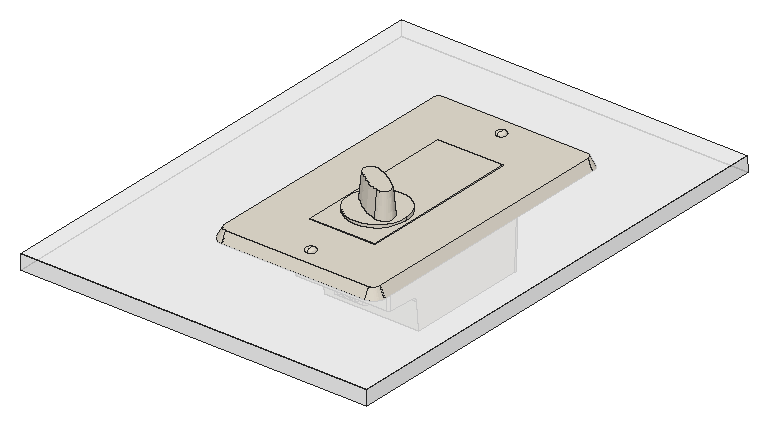
Revit family "AT-303AP", category Communication Devices, host Face, Revit 2018
Family settings
  Host = Face
  Maintain Annotation Orientation = No
  Round Connector Dimension = Use Diameter
  Part Type = Normal
  OmniClass Number = 23.85.10.11.14
  OmniClass Title = Audio Equipment
  Cut with Voids When Loaded = Yes
  Shared = No
  Room Calculation Point = No
Parameters (values of type "AT-303AP")
  Weight = "210 g (0.46 lb)(unit only)"
  URL = "http://toa.com.sg"
  Terminal = "Push-in connector"
  Operating Temperature = "-10 to +50 degree Celsius"
  Model Type = "Attenuator"
  Dimension (attenuator only) = "41 (W) x 108 (H) x 52.4 (D) mm"
  Attenuation = "5 steps (0 dB, – 6 dB, – 12 dB, – 18 dB,OFF)"
  Input Volume = "0.5 W – 30 W"
  Model By = "BIMLIFE PTE LTD"  # constant formula
  Model = "AT-063AP"
  Manufacturer = "TOA Electronics Pte Ltd"  # constant formula
  Supplier Tel = "+65 6835 9119"  # constant formula
  Supplier Fax = "+65 6835 9559"  # constant formula
  Supplier Address = "491B River Valley Road, #19-03/04 Valley Point Office Tower, Singapore 248373"  # constant formula
  Supplier = "TOA Electronics Pte Ltd"  # constant formula
  Suppiler Email = "http://toa.com.sg"  # constant formula
  Material = Oyster White (RAL 1013)
  Finish = "Knob, panel, plate: ABS resin, white (RAL 1013 or equivalent color), Case: ABS resin, black"
  Dimension (with plate) = "70 (W) x 120 (H) x 52.4 (D) mm"
  Default Elevation = 0 mm
  Copyright To = "TOA Electronics Pte Ltd"  # constant formula
  Applicable Plate = "YP-1AF (option)"
  Applicable Cable = "600 V vinyl-insulated cable (Indoor Vinyl or Heat-resistant Indoor Vinyl cable) Solid cable: ø0.8 (0.03\") – ø1.6 (0.06\") mm"
  Applicable Box = "YS-11A (option)"
  Accessory = "Plate ---1, Plate mounting screw ---2, Box mounting screw ---2"
Reference planes
  plane 1 "Center (Front/Back)": y = 0
  plane 2: z = 0
  plane 3 "Center (Left/Right)": x = 0
Forms (mm)
  Extrusion 1, solid, material "Surface"
    sketch origin (1.238, -13.929, 0) x (1, 0, 0) y (0, 1, 0)
      loop
        line (-79.405, 109.432) -> (-79.405, -93.236) -> (67.641, -93.236) -> (67.641, 109.432) -> (-79.405, 109.432)
    from 0 to -6.497
  Extrusion 2, solid, material "Oyster White (RAL 1013)" <- "Material"
    sketch origin (0, 0, 0) x (1, 0, 0) y (0, 1, 0)
      loop
        line (-13.8, 34.15) -> (-13.8, -34.15) -> (13.8, -34.15) -> (13.8, 34.15) -> (-13.8, 34.15)
    from 0 to 4
  Blend 3, solid, material "Oyster White (RAL 1013)" <- "Material"
    base sketch origin (-322.903, -0.061, 0) x (1, 0, 0) y (0, 1, 0)
      loop
        line (353.237, 60.061) -> (292.57, 60.061)
        arc (292.57, 60.061) -> (289.27, 58.694) -> (287.903, 55.395) r 4.667
        line (287.903, 55.395) -> (287.903, -55.272)
        arc (287.903, -55.272) -> (289.27, -58.572) -> (292.57, -59.939) r 4.667
        line (292.57, -59.939) -> (353.237, -59.939)
        arc (353.237, -59.939) -> (356.537, -58.572) -> (357.903, -55.272) r 4.667
        line (357.903, -55.272) -> (357.903, 55.395)
        arc (357.903, 55.395) -> (356.537, 58.694) -> (353.237, 60.061) r 4.667
    top sketch origin (-322.903, -0.061, 0) x (1, 0, 0) y (0, 1, 0)
      loop
        line (289.903, 55.395) -> (289.903, -55.272)
        arc (289.903, -55.272) -> (290.684, -57.158) -> (292.57, -57.939) r 2.667
        line (292.57, -57.939) -> (353.237, -57.939)
        arc (353.237, -57.939) -> (355.122, -57.158) -> (355.903, -55.272) r 2.667
        line (355.903, -55.272) -> (355.903, 55.395)
        arc (355.903, 55.395) -> (355.122, 57.28) -> (353.237, 58.061) r 2.667
        line (353.237, 58.061) -> (292.57, 58.061)
        arc (292.57, 58.061) -> (290.684, 57.28) -> (289.903, 55.395) r 2.667
    from 0 to 4
  Extrusion 4, void
    sketch origin (0, 0, 0) x (1, 0, 0) y (0, 1, 0)
      loop
        line (-13.8, 34.15) -> (-13.8, -34.15) -> (13.8, -34.15) -> (13.8, 34.15) -> (-13.8, 34.15)
    from 0 to 4
  Extrusion 5, solid, material "Oyster White (RAL 1013)" <- "Material"
    sketch origin (-322.903, -0.061, 4) x (1, 0, 0) y (0, 1, 0)
      loop
        circle (322.903, -15.249) r 12.197
    from 0 to 1
  Blend 6, solid, material "Oyster White (RAL 1013)" <- "Material"
    base sketch origin (-322.903, -0.061, 5) x (1, 0, 0) y (0, 1, 0)
      loop
        arc (330.969, -15.642) -> (325.306, -11.088) -> (318.53, -8.46) r 23.754
        arc (318.53, -8.46) -> (314.26, -10.258) -> (314.838, -14.856) r 3.835
        arc (314.838, -14.856) -> (320.501, -19.409) -> (327.276, -22.038) r 23.754
        arc (327.276, -22.038) -> (331.546, -20.239) -> (330.969, -15.642) r 3.836
    top sketch origin (-322.903, -0.061, 5) x (1, 0, 0) y (0, 1, 0)
      loop
        arc (315.564, -14.168) -> (321.001, -18.543) -> (327.508, -21.065) r 22.754
        arc (327.508, -21.065) -> (330.68, -19.739) -> (330.243, -16.329) r 2.836
        arc (330.243, -16.329) -> (324.805, -11.954) -> (318.298, -9.433) r 22.754
        arc (318.298, -9.433) -> (315.126, -10.758) -> (315.564, -14.168) r 2.835
    from 0 to 10.5
  Revolve 7, solid, material "Oyster White (RAL 1013)" <- "Material"
    sketch origin (0, 16.7, 0) x (0, 1, 0) y (0, 0, 1)
      loop
        line (33.8, 4) -> (33.8, 5)
        spline (33.8, 5) -> (33.539, 4.991) -> (33.282, 4.966) -> (33.035, 4.924) -> (32.8, 4.866) -> (32.582, 4.793) -> (32.386, 4.707) -> (32.213, 4.609) -> (32.068, 4.5) -> (31.952, 4.383) -> (31.868, 4.259) -> (31.817, 4.131) -> (31.8, 4)
        line (31.8, 4) -> (33.8, 4)
      axis (33.8, 5) -> (33.8, 4)
    angle from 0 to 360
  Revolve 8, solid, material "Oyster White (RAL 1013)" <- "Material"
    sketch origin (0, -84.3, 0) x (0, 1, 0) y (0, 0, 1)
      loop
        line (33.8, 4) -> (33.8, 5)
        spline (33.8, 5) -> (33.539, 4.991) -> (33.282, 4.966) -> (33.035, 4.924) -> (32.8, 4.866) -> (32.582, 4.793) -> (32.386, 4.707) -> (32.213, 4.609) -> (32.068, 4.5) -> (31.952, 4.383) -> (31.868, 4.259) -> (31.817, 4.131) -> (31.8, 4)
        line (31.8, 4) -> (33.8, 4)
      axis (33.8, 5) -> (33.8, 4)
    angle from 0 to 360
  Blend 9, solid, material "Oyster White (RAL 1013)" <- "Material"
    base sketch origin (-245.404, 0, 0) x (1, 0, 0) y (0, 1, 0)
      loop
        arc (226.481, 33.914) -> (225.773, 33.621) -> (225.481, 32.914) r 1
        line (225.481, 32.914) -> (225.481, -32.914)
        arc (225.481, -32.914) -> (225.775, -33.618) -> (226.48, -33.91) r 1
        line (226.48, -33.91) -> (264.328, -33.91)
        arc (264.328, -33.91) -> (265.034, -33.618) -> (265.328, -32.914) r 1
        line (265.328, -32.914) -> (265.328, 32.914)
        arc (265.328, 32.914) -> (265.035, 33.621) -> (264.328, 33.914) r 1
        line (264.328, 33.914) -> (226.481, 33.914)
    top sketch origin (-245.404, 0, 0) x (1, 0, 0) y (0, 1, 0)
      loop
        line (265.904, -33.508) -> (265.904, 33.49)
        arc (265.904, 33.49) -> (265.611, 34.197) -> (264.904, 34.49) r 1.001
        line (264.904, 34.49) -> (225.904, 34.49)
        arc (225.904, 34.49) -> (225.197, 34.197) -> (224.904, 33.49) r 1.001
        line (224.904, 33.49) -> (224.904, -33.51)
        arc (224.904, -33.51) -> (225.197, -34.217) -> (225.904, -34.51) r 1.001
        line (225.904, -34.51) -> (264.904, -34.51)
        arc (264.904, -34.51) -> (265.612, -34.216) -> (265.904, -33.508) r 1.001
    from -34 to 0
  Extrusion 10, void
    sketch origin (0, 0, 0) x (0, -1, 0) y (0, 0, -1)
      loop
        line (21.733, 20) -> (35.003, 19.487) -> (34.49, 37.494) -> (17.759, 37.494) -> (19.49, 22.243)
        arc (19.49, 22.243) -> (20.147, 20.657) -> (21.733, 20) r 2.243
    from -29.842 to 35
  Extrusion 11, solid, material "Oyster White (RAL 1013)" <- "Material"
    sketch origin (0, 0, 0) x (0, 1, 0) y (0, 0, 1)
      loop
        line (-21.559, -20.007) -> (-30.608, -19.657) -> (-30.608, -23.419) -> (-27.846, -24.515) -> (-19.232, -24.515) -> (-19.547, -21.74)
        arc (-19.547, -21.74) -> (-20.269, -20.543) -> (-21.559, -20.007) r 2.243
    from -6 to 6
  Extrusion 12, solid, material "Oyster White (RAL 1013)" <- "Material"
    sketch origin (0.094, -29.753, -20.736) x (0, 0, -1) y (1, 0, 0)
      loop
        circle (0.99, -4) r 1
      loop
        circle (0.99, -1.5) r 1
      loop
        circle (0.99, 1) r 1
      loop
        circle (0.99, 3.5) r 1
    from 0 to 1
Cuts and joins
  joined: Extrusion 5, Blend 6
  Extrusion 10 cuts Blend 9
Lines and regions (mm)
  model lines
    curve 1: line (-3.167, 18.17, 4) -> (-3.167, 20.503, 4)
    curve 2: line (-3.167, 18.17, 4) -> (-2.167, 18.17, 4)
    curve 3: line (-2.167, 20.503, 4) -> (-2.167, 18.17, 4)
    curve 4: line (-3.167, 20.503, 4) -> (-2.167, 20.503, 4)
    curve 5: line (-1.667, 20.503, 4) -> (-1.667, 18.17, 4)
    curve 6: line (0, 21.303, 4) -> (-1.667, 20.503, 4)
    curve 7: line (-1.667, 18.17, 4) -> (0, 17.37, 4)
    curve 8: line (0, 17.37, 4) -> (0, 21.303, 4)
    curve 9: arc (0.703, 17.024, 4) -> (1.341, 19.336, 4) -> (0.703, 21.649, 4) r 4.51
    curve 10: arc (1.547, 16.621, 4) -> (2.268, 19.336, 4) -> (1.547, 22.052, 4) r 5.476
    curve 11: arc (2.39, 16.217, 4) -> (3.198, 19.336, 4) -> (2.39, 22.456, 4) r 6.424
    curve 12: arc (-3.669, -2.318, 4) -> (-5.443, -2.956, 4) -> (-7.111, -3.835, 4) r 13.5
    curve 13: arc (-4.113, -1.066, 4) -> (-5.924, -1.988, 4) -> (-7.599, -3.14, 4) r 15.5
    curve 14: arc (1.539, -1.898, 4) -> (0.116, -1.81, 4) -> (-1.307, -1.873, 4) r 13.5
    curve 15: arc (1.521, 0.183, 4) -> (-0.041, 0.055, 4) -> (-1.581, -0.229, 4) r 15.5
    curve 16: line (2.15, -1.353, 4) -> (2.15, -0.427, 4)
    curve 17: line (3.244, -0.497, 4) -> (3.244, -1.725, 4)
    curve 18: arc (7.348, -3.985, 4) -> (5.585, -3.02, 4) -> (3.698, -2.326, 4) r 13.5
    curve 19: arc (7.409, -0.784, 4) -> (5.674, -0.252, 4) -> (3.889, 0.074, 4) r 15.5
    curve 20: line (7.944, -3.662, 4) -> (7.944, -1.554, 4)
    curve 21: line (9.111, -2.26, 4) -> (9.111, -4.861, 4)
    curve 22: arc (12.305, -3.732, 4) -> (11.076, -2.745, 4) -> (9.754, -1.889, 4) r 15.5
    curve 23: arc (12.283, -9.709, 4) -> (11.053, -7.559, 4) -> (9.45, -5.669, 4) r 13.5
    curve 24: line (12.911, -9.573, 4) -> (12.911, -5.082, 4)
    curve 25: arc (-7.599, -3.14, 4) -> (-7.683, -3.717, 4) -> (-7.111, -3.835, 4) r 0.425
    curve 26: arc (-4.113, -1.066, 4) -> (-3.223, -1.456, 4) -> (-3.669, -2.318, 4) r 0.665
    curve 27: arc (-1.581, -0.229, 4) -> (-2.212, -1.179, 4) -> (-1.307, -1.873, 4) r 0.835
    curve 28: arc (2.15, -0.427, 4) -> (1.964, 0.011, 4) -> (1.521, 0.183, 4) r 0.61
    curve 29: arc (2.15, -1.353, 4) -> (1.966, -1.762, 4) -> (1.539, -1.898, 4) r 0.549
    curve 30: arc (3.889, 0.074, 4) -> (3.438, -0.066, 4) -> (3.244, -0.497, 4) r 0.575
    curve 31: arc (3.244, -1.725, 4) -> (3.37, -2.102, 4) -> (3.698, -2.326, 4) r 0.626
    curve 32: arc (7.944, -3.662, 4) -> (7.742, -4.001, 4) -> (7.348, -3.985, 4) r 0.386
    curve 33: arc (7.944, -1.554, 4) -> (7.797, -1.086, 4) -> (7.409, -0.784, 4) r 0.821
    curve 34: arc (9.754, -1.889, 4) -> (9.325, -1.889, 4) -> (9.111, -2.26, 4) r 0.429
    curve 35: arc (9.111, -4.861, 4) -> (9.199, -5.299, 4) -> (9.45, -5.669, 4) r 1.131
    curve 36: arc (12.911, -9.573, 4) -> (12.652, -9.894, 4) -> (12.283, -9.709, 4) r 0.328
    curve 37: arc (12.911, -5.082, 4) -> (12.752, -4.342, 4) -> (12.305, -3.732, 4) r 1.807
Dimensions and locks
  aligned and locked: plane 2 to Extrusion 1
  aligned and locked: level to Extrusion 1
